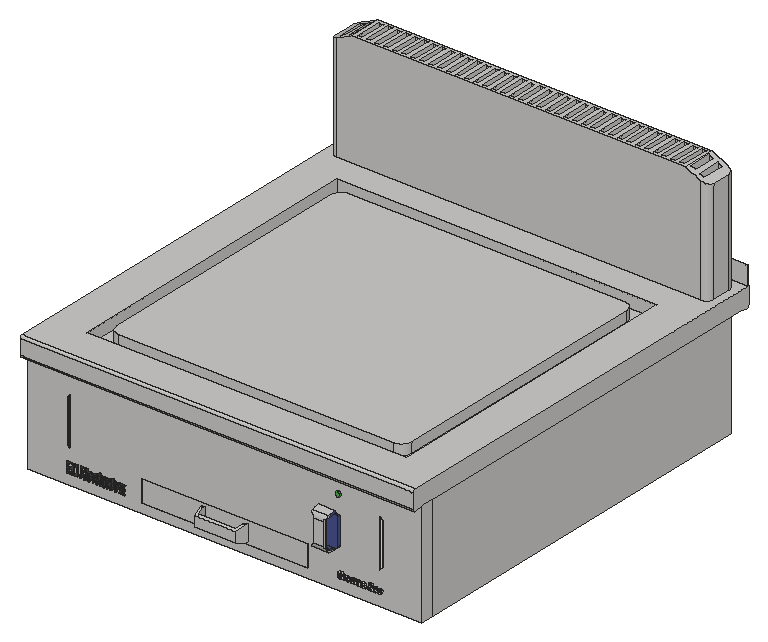
Revit family "QF_ELECTROLUXPROFESSIONAL_593118_MBLIBBHOVO", category Specialty Equipment, Revit 2014
Parameters
  Weight in Pounds = 487.22
  URL Cutsheet = ""
  Type Mark [instance] = ""
  Specification by User [instance] = ""
  Specification by Manufacturer = ""
  Serial Number = ""
  Seismic Rating = ""
  SMACNA No = ""
  Revision Code [instance] = ""
  Omniclass Number and Title = ""
  NAFEM Spec ID Number = ""
  Model = "588557"
  Masterspec = ""
  Manufacturer = "Electrolux Professional"
  Item Number [instance] = ""
  Installed By [instance] = ""
  Identify Quantity as Lot [instance] = yes
  Furnished By [instance] = ""
  Foodservice Equipment Identifier [instance] = yes
  Description = ""
  CSI MasterFormat = ""
  CSI Master Format = ""
Reference planes
  plane 1 "BACK": y = 0
  plane 2: z = 0
  plane 3 "LEFT": x = 0
  plane 4 "RIGHT": x = 800
  plane 5 "FRONT": y = -850
  plane 6 "TOP": z = 900
  plane 7 "Center (Left/Right)": x = 400
  plane 8: y = -425
  plane 9: y = -150
  plane 10: x = 75
  plane 11: x = 725
  plane 12: y = -140
  plane 13: y = -775
  plane 14 "GasY": y = -540
  plane 15: z = 938
  plane 16 "BaseTop": z = 650
  plane 17: y = -805
  plane 18 "Camino": y = -50
  plane 19: x = 764
  plane 20: z = 1131
Forms (mm)
  Extrusion 1, solid, material "QF_Finishes_Stainless Steel"
    sketch origin (-178.969, -4572, 100) x (-1, 0, 0) y (0, -1, 0)
      loop
        line (-178.969, -4527) -> (-178.969, -3767) -> (-978.969, -3767) -> (-978.969, -4527) -> (-178.969, -4527)
    from 550 to 762.969
  Extrusion 2, solid, material "QF_Finishes_Stainless Steel"
    sketch origin (400, 296.4, 1219.2) x (0, 1, 0) y (0, 0, 1)
      loop
        line (-296.4, -319.2) -> (-1141.4, -319.2)
        arc (-1141.4, -319.2) -> (-1144.935, -320.664) -> (-1146.4, -324.2) r 5
        line (-1146.4, -324.2) -> (-1146.4, -355.2)
        arc (-1146.4, -355.2) -> (-1144.971, -358.264) -> (-1141.705, -359.139) r 4
        line (-1141.705, -359.139) -> (-1126.4, -356.231) -> (-316.4, -356.231) -> (-301.094, -359.139)
        arc (-301.094, -359.139) -> (-297.829, -358.264) -> (-296.4, -355.2) r 4
        line (-296.4, -355.2) -> (-296.4, -319.2)
    from -400 to 400
  Extrusion 3, solid, material "QF_Finishes_Stainless Steel"
    sketch origin (0, 0, 900) x (-1, 0, 0) y (0, -1, 0)
      loop
        arc (-120, 165) -> (-105.858, 170.858) -> (-100, 185) r 20
        line (-100, 185) -> (-100, 730)
        arc (-100, 730) -> (-105.858, 744.142) -> (-120, 750) r 20
        line (-120, 750) -> (-680, 750)
        arc (-680, 750) -> (-694.142, 744.142) -> (-700, 730) r 20
        line (-700, 730) -> (-700, 185)
        arc (-700, 185) -> (-694.142, 170.858) -> (-680, 165) r 20
        line (-680, 165) -> (-120, 165)
    from 0 to -20
  Extrusion 4, void
    sketch origin (0, 0, 900) x (-1, 0, 0) y (0, -1, 0)
      loop
        line (-75, 775) -> (-725, 775) -> (-725, 140) -> (-75, 140) -> (-75, 775)
    from 0 to -25
  Extrusion 5, solid, material "QF_Finishes_Stainless Steel"
    sketch origin (400, 296.4, 1219.2) x (0, 1, 0) y (0, 0, 1)
      loop
        line (-296.4, -319.2) -> (-296.4, -281.2) -> (-298.4, -281.2) -> (-298.4, -319.2) -> (-296.4, -319.2)
    from 400 to -400
  Extrusion 6, solid, material "QF_Finishes_Stainless Steel"
    sketch origin (0, -50, 0) x (1, 0, 0) y (0, 0, 1)
      loop
        line (15, 900) -> (785, 900) -> (785, 1109.869) -> (739.685, 1131) -> (60.315, 1131) -> (15, 1109.869) -> (15, 900)
    from 33 to -33
  Extrusion 7, void
    sketch origin (0, 0, 900) x (-1, 0, 0) y (0, -1, 0)
      loop
        line (-15, 83) -> (-30, 83)
        arc (-30, 83) -> (-19.393, 78.607) -> (-15, 68) r 15
        line (-15, 68) -> (-15, 83)
      loop
        line (-15, 17) -> (-15, 32)
        arc (-15, 32) -> (-19.393, 21.393) -> (-30, 17) r 15
        line (-30, 17) -> (-15, 17)
      loop
        line (-785, 83) -> (-785, 68)
        arc (-785, 68) -> (-780.607, 78.607) -> (-770, 83) r 15
        line (-770, 83) -> (-785, 83)
      loop
        line (-785, 17) -> (-770, 17)
        arc (-770, 17) -> (-780.607, 21.393) -> (-785, 32) r 15
        line (-785, 32) -> (-785, 17)
      loop
        line (-413.234, 23) -> (-413.234, 77) -> (-423.234, 77) -> (-423.234, 23) -> (-413.234, 23)
      loop
        line (-395, 23) -> (-395, 77) -> (-405, 77) -> (-405, 23) -> (-395, 23)
      loop
        line (-431.469, 23) -> (-431.469, 77) -> (-441.469, 77) -> (-441.469, 23) -> (-431.469, 23)
      loop
        line (-449.703, 23) -> (-449.703, 77) -> (-459.703, 77) -> (-459.703, 23) -> (-449.703, 23)
      loop
        line (-467.938, 23) -> (-467.938, 77) -> (-477.938, 77) -> (-477.938, 23) -> (-467.938, 23)
      loop
        line (-486.172, 23) -> (-486.172, 77) -> (-496.172, 77) -> (-496.172, 23) -> (-486.172, 23)
      loop
        line (-504.406, 23) -> (-504.406, 77) -> (-514.406, 77) -> (-514.406, 23) -> (-504.406, 23)
      loop
        line (-522.641, 23) -> (-522.641, 77) -> (-532.641, 77) -> (-532.641, 23) -> (-522.641, 23)
      loop
        line (-540.875, 23) -> (-540.875, 77) -> (-550.875, 77) -> (-550.875, 23) -> (-540.875, 23)
      loop
        line (-559.109, 23) -> (-559.109, 77) -> (-569.109, 77) -> (-569.109, 23) -> (-559.109, 23)
      loop
        line (-577.344, 23) -> (-577.344, 77) -> (-587.344, 77) -> (-587.344, 23) -> (-577.344, 23)
      loop
        line (-595.578, 23) -> (-595.578, 77) -> (-605.578, 77) -> (-605.578, 23) -> (-595.578, 23)
      loop
        line (-613.813, 23) -> (-613.813, 77) -> (-623.813, 77) -> (-623.813, 23) -> (-613.813, 23)
      loop
        line (-632.047, 23) -> (-632.047, 77) -> (-642.047, 77) -> (-642.047, 23) -> (-632.047, 23)
      loop
        line (-650.281, 23) -> (-650.281, 77) -> (-660.281, 77) -> (-660.281, 23) -> (-650.281, 23)
      loop
        line (-668.516, 23) -> (-668.516, 77) -> (-678.516, 77) -> (-678.516, 23) -> (-668.516, 23)
      loop
        line (-686.75, 23) -> (-686.75, 77) -> (-696.75, 77) -> (-696.75, 23) -> (-686.75, 23)
      loop
        line (-704.985, 23) -> (-704.985, 77) -> (-714.985, 77) -> (-714.985, 23) -> (-704.985, 23)
      loop
        line (-723.219, 23) -> (-723.219, 77) -> (-733.219, 77) -> (-733.219, 23) -> (-723.219, 23)
      loop
        line (-741.453, 26) -> (-741.453, 74) -> (-751.453, 74) -> (-751.453, 26) -> (-741.453, 26)
      loop
        line (-759.688, 26) -> (-759.688, 74) -> (-769.688, 74) -> (-769.688, 26) -> (-759.688, 26)
      loop
        line (-386.766, 23) -> (-376.766, 23) -> (-376.766, 77) -> (-386.766, 77) -> (-386.766, 23)
      loop
        line (-368.531, 23) -> (-358.531, 23) -> (-358.531, 77) -> (-368.531, 77) -> (-368.531, 23)
      loop
        line (-350.297, 23) -> (-340.297, 23) -> (-340.297, 77) -> (-350.297, 77) -> (-350.297, 23)
      loop
        line (-332.062, 23) -> (-322.062, 23) -> (-322.062, 77) -> (-332.062, 77) -> (-332.062, 23)
      loop
        line (-313.828, 23) -> (-303.828, 23) -> (-303.828, 77) -> (-313.828, 77) -> (-313.828, 23)
      loop
        line (-295.594, 23) -> (-285.594, 23) -> (-285.594, 77) -> (-295.594, 77) -> (-295.594, 23)
      loop
        line (-277.359, 23) -> (-267.359, 23) -> (-267.359, 77) -> (-277.359, 77) -> (-277.359, 23)
      loop
        line (-259.125, 23) -> (-249.125, 23) -> (-249.125, 77) -> (-259.125, 77) -> (-259.125, 23)
      loop
        line (-240.891, 23) -> (-230.891, 23) -> (-230.891, 77) -> (-240.891, 77) -> (-240.891, 23)
      loop
        line (-222.656, 23) -> (-212.656, 23) -> (-212.656, 77) -> (-222.656, 77) -> (-222.656, 23)
      loop
        line (-204.422, 23) -> (-194.422, 23) -> (-194.422, 77) -> (-204.422, 77) -> (-204.422, 23)
      loop
        line (-186.187, 23) -> (-176.187, 23) -> (-176.187, 77) -> (-186.187, 77) -> (-186.187, 23)
      loop
        line (-167.953, 23) -> (-157.953, 23) -> (-157.953, 77) -> (-167.953, 77) -> (-167.953, 23)
      loop
        line (-149.719, 23) -> (-139.719, 23) -> (-139.719, 77) -> (-149.719, 77) -> (-149.719, 23)
      loop
        line (-131.484, 23) -> (-121.484, 23) -> (-121.484, 77) -> (-131.484, 77) -> (-131.484, 23)
      loop
        line (-113.25, 23) -> (-103.25, 23) -> (-103.25, 77) -> (-113.25, 77) -> (-113.25, 23)
      loop
        line (-95.015, 23) -> (-85.015, 23) -> (-85.015, 77) -> (-95.015, 77) -> (-95.015, 23)
      loop
        line (-76.781, 23) -> (-66.781, 23) -> (-66.781, 77) -> (-76.781, 77) -> (-76.781, 23)
      loop
        line (-58.547, 26) -> (-48.547, 26) -> (-48.547, 74) -> (-58.547, 74) -> (-58.547, 26)
      loop
        line (-40.312, 26) -> (-30.312, 26) -> (-30.312, 74) -> (-40.312, 74) -> (-40.312, 26)
    from 231 to 0
  Extrusion 8, solid, material "QF_Finishes_Stainless Steel"
    sketch origin (0, 0, 650) x (-1, 0, 0) y (0, -1, 0)
      loop
        circle (-764, 540) r 10.1
    from 0 to -10
Cuts and joins
  Extrusion 4 cuts Extrusion 2
  Extrusion 7 cuts Extrusion 6
Lines and regions (mm)
  symbolic lines
    curve 1: line (0, 0, 100) -> (800, 0, 100)
    curve 2: line (0, -850, 100) -> (0, 0, 100)
    curve 3: line (800, -850, 100) -> (0, -850, 100)
    curve 4: line (800, 0, 100) -> (800, -850, 100)
    curve 5: line (75, -775, 0) -> (725, -775, 0)
    curve 6: line (725, -775, 0) -> (725, -140, 0)
    curve 7: line (725, -140, 0) -> (75, -140, 0)
    curve 8: line (75, -140, 0) -> (75, -775, 0)
    curve 9: line (0, -2, 0) -> (800, -2, 0)
    curve 13: line (30, -83, 650) -> (770, -83, 650)
    curve 14: line (770, -17, 650) -> (30, -17, 650)
    curve 15: arc (15, -32, 650) -> (19.393, -21.393, 650) -> (30, -17, 650) r 15
    curve 16: line (15, -32, 650) -> (15, -68, 650)
    curve 17: arc (30, -83, 650) -> (19.393, -78.607, 650) -> (15, -68, 650) r 15
    curve 18: arc (785, -68, 650) -> (780.607, -78.607, 650) -> (770, -83, 650) r 15
    curve 19: line (785, -68, 650) -> (785, -32, 650)
    curve 20: arc (770, -17, 650) -> (780.607, -21.393, 650) -> (785, -32, 650) r 15
    curve 21: line (30.312, -26, 650) -> (30.312, -74, 650)
    curve 22: line (40.312, -26, 650) -> (30.312, -26, 650)
    curve 23: line (30.312, -74, 650) -> (40.312, -74, 650)
    curve 24: line (40.312, -74, 650) -> (40.312, -26, 650)
    curve 25: line (48.547, -74, 650) -> (58.547, -74, 650)
    curve 26: line (48.547, -26, 650) -> (48.547, -74, 650)
    curve 27: line (58.547, -26, 650) -> (48.547, -26, 650)
    curve 28: line (58.547, -74, 650) -> (58.547, -26, 650)
    curve 29: line (66.781, -23, 650) -> (66.781, -77, 650)
    curve 30: line (66.781, -23, 650) -> (76.781, -23, 650)
    curve 31: line (76.781, -23, 650) -> (76.781, -77, 650)
    curve 32: line (76.781, -77, 650) -> (66.781, -77, 650)
    curve 33: line (85.015, -23, 650) -> (85.015, -77, 650)
    curve 34: line (85.015, -23, 650) -> (95.015, -23, 650)
    curve 35: line (95.015, -23, 650) -> (95.015, -77, 650)
    curve 36: line (95.015, -77, 650) -> (85.015, -77, 650)
    curve 37: line (103.25, -23, 650) -> (103.25, -77, 650)
    curve 38: line (103.25, -23, 650) -> (113.25, -23, 650)
    curve 39: line (113.25, -23, 650) -> (113.25, -77, 650)
    curve 40: line (113.25, -77, 650) -> (103.25, -77, 650)
    curve 41: line (121.484, -23, 650) -> (121.484, -77, 650)
    curve 42: line (121.484, -23, 650) -> (131.484, -23, 650)
    curve 43: line (131.484, -23, 650) -> (131.484, -77, 650)
    curve 44: line (131.484, -77, 650) -> (121.484, -77, 650)
    curve 45: line (139.719, -23, 650) -> (139.719, -77, 650)
    curve 46: line (139.719, -23, 650) -> (149.719, -23, 650)
    curve 47: line (149.719, -23, 650) -> (149.719, -77, 650)
    curve 48: line (149.719, -77, 650) -> (139.719, -77, 650)
    curve 49: line (157.953, -23, 650) -> (157.953, -77, 650)
    curve 50: line (157.953, -23, 650) -> (167.953, -23, 650)
    curve 51: line (167.953, -23, 650) -> (167.953, -77, 650)
    curve 52: line (167.953, -77, 650) -> (157.953, -77, 650)
    curve 53: line (176.187, -23, 650) -> (176.187, -77, 650)
    curve 54: line (176.187, -23, 650) -> (186.187, -23, 650)
    curve 55: line (186.187, -23, 650) -> (186.187, -77, 650)
    curve 56: line (186.187, -77, 650) -> (176.187, -77, 650)
    curve 57: line (194.422, -23, 650) -> (194.422, -77, 650)
    curve 58: line (194.422, -23, 650) -> (204.422, -23, 650)
    curve 59: line (204.422, -23, 650) -> (204.422, -77, 650)
    curve 60: line (204.422, -77, 650) -> (194.422, -77, 650)
    curve 61: line (212.656, -23, 650) -> (212.656, -77, 650)
    curve 62: line (212.656, -23, 650) -> (222.656, -23, 650)
    curve 63: line (222.656, -23, 650) -> (222.656, -77, 650)
    curve 64: line (222.656, -77, 650) -> (212.656, -77, 650)
    curve 65: line (230.891, -23, 650) -> (230.891, -77, 650)
    curve 66: line (230.891, -23, 650) -> (240.891, -23, 650)
    curve 67: line (240.891, -23, 650) -> (240.891, -77, 650)
    curve 68: line (240.891, -77, 650) -> (230.891, -77, 650)
    curve 69: line (249.125, -23, 650) -> (249.125, -77, 650)
    curve 70: line (249.125, -23, 650) -> (259.125, -23, 650)
    curve 71: line (259.125, -23, 650) -> (259.125, -77, 650)
    curve 72: line (259.125, -77, 650) -> (249.125, -77, 650)
    curve 73: line (267.359, -23, 650) -> (267.359, -77, 650)
    curve 74: line (267.359, -23, 650) -> (277.359, -23, 650)
    curve 75: line (277.359, -23, 650) -> (277.359, -77, 650)
    curve 76: line (277.359, -77, 650) -> (267.359, -77, 650)
    curve 77: line (285.594, -23, 650) -> (285.594, -77, 650)
    curve 78: line (285.594, -23, 650) -> (295.594, -23, 650)
    curve 79: line (295.594, -23, 650) -> (295.594, -77, 650)
    curve 80: line (295.594, -77, 650) -> (285.594, -77, 650)
    curve 81: line (303.828, -23, 650) -> (303.828, -77, 650)
    curve 82: line (303.828, -23, 650) -> (313.828, -23, 650)
    curve 83: line (313.828, -23, 650) -> (313.828, -77, 650)
    curve 84: line (313.828, -77, 650) -> (303.828, -77, 650)
    curve 85: line (322.062, -23, 650) -> (322.062, -77, 650)
    curve 86: line (322.062, -23, 650) -> (332.062, -23, 650)
    curve 87: line (332.062, -23, 650) -> (332.062, -77, 650)
    curve 88: line (332.062, -77, 650) -> (322.062, -77, 650)
    curve 89: line (340.297, -23, 650) -> (340.297, -77, 650)
    curve 90: line (340.297, -23, 650) -> (350.297, -23, 650)
    curve 91: line (350.297, -23, 650) -> (350.297, -77, 650)
    curve 92: line (350.297, -77, 650) -> (340.297, -77, 650)
    curve 93: line (358.531, -23, 650) -> (358.531, -77, 650)
    curve 94: line (358.531, -23, 650) -> (368.531, -23, 650)
    curve 95: line (368.531, -23, 650) -> (368.531, -77, 650)
    curve 96: line (368.531, -77, 650) -> (358.531, -77, 650)
    curve 97: line (376.766, -23, 650) -> (376.766, -77, 650)
    curve 98: line (376.766, -23, 650) -> (386.766, -23, 650)
    curve 99: line (386.766, -23, 650) -> (386.766, -77, 650)
    curve 100: line (386.766, -77, 650) -> (376.766, -77, 650)
    curve 101: line (395, -23, 650) -> (395, -77, 650)
    curve 102: line (395, -23, 650) -> (405, -23, 650)
    curve 103: line (405, -23, 650) -> (405, -77, 650)
    curve 104: line (405, -77, 650) -> (395, -77, 650)
    curve 105: line (413.234, -23, 650) -> (413.234, -77, 650)
    curve 106: line (413.234, -23, 650) -> (423.234, -23, 650)
    curve 107: line (423.234, -23, 650) -> (423.234, -77, 650)
    curve 108: line (423.234, -77, 650) -> (413.234, -77, 650)
    curve 109: line (431.469, -23, 650) -> (431.469, -77, 650)
    curve 110: line (431.469, -23, 650) -> (441.469, -23, 650)
    curve 111: line (441.469, -23, 650) -> (441.469, -77, 650)
    curve 112: line (441.469, -77, 650) -> (431.469, -77, 650)
    curve 113: line (449.703, -23, 650) -> (449.703, -77, 650)
    curve 114: line (449.703, -23, 650) -> (459.703, -23, 650)
    curve 115: line (459.703, -23, 650) -> (459.703, -77, 650)
    curve 116: line (459.703, -77, 650) -> (449.703, -77, 650)
    curve 117: line (467.938, -23, 650) -> (467.938, -77, 650)
    curve 118: line (467.938, -23, 650) -> (477.938, -23, 650)
    curve 119: line (477.938, -23, 650) -> (477.938, -77, 650)
    curve 120: line (477.938, -77, 650) -> (467.938, -77, 650)
    curve 121: line (486.172, -23, 650) -> (486.172, -77, 650)
    curve 122: line (486.172, -23, 650) -> (496.172, -23, 650)
    curve 123: line (496.172, -23, 650) -> (496.172, -77, 650)
    curve 124: line (496.172, -77, 650) -> (486.172, -77, 650)
    curve 125: line (504.406, -23, 650) -> (504.406, -77, 650)
    curve 126: line (504.406, -23, 650) -> (514.406, -23, 650)
    curve 127: line (514.406, -23, 650) -> (514.406, -77, 650)
    curve 128: line (514.406, -77, 650) -> (504.406, -77, 650)
    curve 129: line (522.641, -23, 650) -> (522.641, -77, 650)
    curve 130: line (522.641, -23, 650) -> (532.641, -23, 650)
    curve 131: line (532.641, -23, 650) -> (532.641, -77, 650)
    curve 132: line (532.641, -77, 650) -> (522.641, -77, 650)
    curve 133: line (540.875, -23, 650) -> (540.875, -77, 650)
    curve 134: line (540.875, -23, 650) -> (550.875, -23, 650)
    curve 135: line (550.875, -23, 650) -> (550.875, -77, 650)
    curve 136: line (550.875, -77, 650) -> (540.875, -77, 650)
    curve 137: line (559.109, -23, 650) -> (559.109, -77, 650)
    curve 138: line (559.109, -23, 650) -> (569.109, -23, 650)
    curve 139: line (569.109, -23, 650) -> (569.109, -77, 650)
    curve 140: line (569.109, -77, 650) -> (559.109, -77, 650)
    curve 141: line (577.344, -23, 650) -> (577.344, -77, 650)
    curve 142: line (577.344, -23, 650) -> (587.344, -23, 650)
    curve 143: line (587.344, -23, 650) -> (587.344, -77, 650)
    curve 144: line (587.344, -77, 650) -> (577.344, -77, 650)
    curve 145: line (595.578, -23, 650) -> (595.578, -77, 650)
    curve 146: line (595.578, -23, 650) -> (605.578, -23, 650)
    curve 147: line (605.578, -23, 650) -> (605.578, -77, 650)
    curve 148: line (605.578, -77, 650) -> (595.578, -77, 650)
    curve 149: line (613.813, -23, 650) -> (613.813, -77, 650)
    curve 150: line (613.813, -23, 650) -> (623.813, -23, 650)
    curve 151: line (623.813, -23, 650) -> (623.813, -77, 650)
    curve 152: line (623.813, -77, 650) -> (613.813, -77, 650)
    curve 153: line (632.047, -23, 650) -> (632.047, -77, 650)
    curve 154: line (632.047, -23, 650) -> (642.047, -23, 650)
    curve 155: line (642.047, -23, 650) -> (642.047, -77, 650)
    curve 156: line (642.047, -77, 650) -> (632.047, -77, 650)
    curve 157: line (650.281, -23, 650) -> (650.281, -77, 650)
    curve 158: line (650.281, -23, 650) -> (660.281, -23, 650)
    curve 159: line (660.281, -23, 650) -> (660.281, -77, 650)
    curve 160: line (660.281, -77, 650) -> (650.281, -77, 650)
    curve 161: line (668.516, -23, 650) -> (668.516, -77, 650)
    curve 162: line (668.516, -23, 650) -> (678.516, -23, 650)
    curve 163: line (678.516, -23, 650) -> (678.516, -77, 650)
    curve 164: line (678.516, -77, 650) -> (668.516, -77, 650)
    curve 165: line (686.75, -23, 650) -> (686.75, -77, 650)
    curve 166: line (686.75, -23, 650) -> (696.75, -23, 650)
    curve 167: line (696.75, -23, 650) -> (696.75, -77, 650)
    curve 168: line (696.75, -77, 650) -> (686.75, -77, 650)
    curve 169: line (704.985, -23, 650) -> (704.985, -77, 650)
    curve 170: line (704.985, -23, 650) -> (714.985, -23, 650)
    curve 171: line (714.985, -23, 650) -> (714.985, -77, 650)
    curve 172: line (714.985, -77, 650) -> (704.985, -77, 650)
    curve 173: line (723.219, -23, 650) -> (723.219, -77, 650)
    curve 174: line (723.219, -23, 650) -> (733.219, -23, 650)
    curve 175: line (733.219, -23, 650) -> (733.219, -77, 650)
    curve 176: line (733.219, -77, 650) -> (723.219, -77, 650)
    curve 177: line (741.453, -26, 650) -> (741.453, -74, 650)
    curve 178: line (741.453, -26, 650) -> (751.453, -26, 650)
    curve 179: line (751.453, -26, 650) -> (751.453, -74, 650)
    curve 180: line (751.453, -74, 650) -> (741.453, -74, 650)
    curve 181: line (759.688, -26, 650) -> (759.688, -74, 650)
    curve 182: line (759.688, -26, 650) -> (769.688, -26, 650)
    curve 183: line (769.688, -26, 650) -> (769.688, -74, 650)
    curve 184: line (769.688, -74, 650) -> (759.688, -74, 650)
    curve 185: arc (120, -165, 650) -> (105.858, -170.858, 650) -> (100, -185, 650) r 20
    curve 186: line (680, -165, 650) -> (120, -165, 650)
    curve 187: line (100, -185, 650) -> (100, -730, 650)
    curve 188: arc (100, -730, 650) -> (105.858, -744.142, 650) -> (120, -750, 650) r 20
    curve 189: line (120, -750, 650) -> (680, -750, 650)
    curve 190: line (700, -730, 650) -> (700, -185, 650)
    curve 191: arc (680, -750, 650) -> (694.142, -744.142, 650) -> (700, -730, 650) r 20
    curve 192: arc (700, -185, 650) -> (694.142, -170.858, 650) -> (680, -165, 650) r 20
  model lines
    curve 10: line (400, -165, 900) -> (400, -372.5, 900)
    curve 11: circle (400, -457.5, 900) r 85 normal (0, 0, 1)
    curve 12: line (400, -542.5, 900) -> (400, -750, 900)
Dimensions and locks
  plane 3 "LEFT" to plane 4 "RIGHT" = 800 mm
  locked: plane 5 "FRONT" to plane 1 "BACK" at 850
  plane 3 "LEFT" to plane 7 "Center (Left/Right)" to plane 4 "RIGHT" = 400 mm, 400 mm
  equal spacing: plane 5 "FRONT", plane 8, plane 1 "BACK"
  plane 6 "TOP" to level = 900 mm  (x2)
  plane 1 "BACK" to plane 9 = 150 mm
  plane 14 "GasY" to plane 1 "BACK" = 540 mm
  plane 15 to plane 6 "TOP" = 38 mm
  plane 12 to plane 1 "BACK" = 140 mm
  plane 5 "FRONT" to plane 13 = 75 mm
  plane 3 "LEFT" to plane 10 = 75 mm
  plane 11 to plane 4 "RIGHT" = 75 mm
  locked: plane 6 "TOP" to plane 16 "BaseTop" at 250
  locked: plane 17 to plane 5 "FRONT" at 45
  plane 18 "Camino" to plane 1 "BACK" = 50 mm
  plane 19 to plane 4 "RIGHT" = 36 mm
  plane 20 to plane 6 "TOP" = 231 mm
  aligned and locked: level to plane 2
  aligned and locked: cut or joined group of Extrusion 2, Extrusion 4 to plane 3 "LEFT"
  aligned and locked: cut or joined group of Extrusion 2, Extrusion 4 to plane 4 "RIGHT"
  aligned and locked: Extrusion 4 sketch curve to plane 10
  aligned and locked: plane 12 to Extrusion 4 sketch curve
  aligned and locked: plane 11 to Extrusion 4 sketch curve
  aligned and locked: Extrusion 4 sketch curve to plane 13
  aligned and locked: nested 1 to plane 17
  aligned and locked: Extrusion 1 to plane 17
  aligned and locked: Extrusion 5 to plane 3 "LEFT"
  aligned and locked: Extrusion 5 to plane 4 "RIGHT"
  aligned and locked: plane 3 "LEFT" to nested 1
Automatic sketch dimensions
  Extrusion 5 sketch curve to plane 6 "TOP" = 0 mm
  Extrusion 5 sketch curve to plane 15 = 0 mm
  Extrusion 5 sketch curve to plane 1 "BACK" = 0 mm
  Extrusion 5 sketch curve to Extrusion 5 sketch curve = 2 mm
  plane 11 to Extrusion 3 sketch curve = 25 mm
  Extrusion 3 sketch curve to Extrusion 3 sketch curve = 20 mm  (x4)
  Extrusion 3 sketch curve to plane 9 = 35 mm
  Extrusion 3 sketch curve to plane 10 = 45 mm
  Extrusion 3 sketch curve to plane 13 = 45 mm
  Extrusion 8 sketch curve to plane 14 "GasY" = 0 mm
  Extrusion 8 sketch curve to plane 19 = 0 mm
  Extrusion 2 sketch curve to plane 5 "FRONT" = 0 mm
  Extrusion 2 sketch curve to plane 6 "TOP" = 0 mm
  Extrusion 2 sketch curve to plane 1 "BACK" = 0 mm
  Extrusion 2 sketch curve to Extrusion 2 sketch curve = 4 mm
  Extrusion 2 sketch curve to Extrusion 2 sketch curve = 0.695 mm
  Extrusion 2 sketch curve to plane 5 "FRONT" = 5 mm
  Extrusion 2 sketch curve to Extrusion 2 sketch curve = 15.305 mm
  plane 1 "BACK" to Extrusion 2 sketch curve = 20 mm
  plane 1 "BACK" to Extrusion 2 sketch curve = 4.695 mm
  plane 1 "BACK" to Extrusion 2 sketch curve = 4 mm
  Extrusion 2 sketch curve to Extrusion 2 sketch curve = 31 mm
  Extrusion 2 sketch curve to Extrusion 2 sketch curve = 36 mm
  Extrusion 2 sketch curve to Extrusion 2 sketch curve = 2.909 mm
  curve 9 to plane 3 "LEFT" = 0 mm
  curve 5 to plane 10 = 0 mm
  curve 6 to plane 11 = 0 mm
  curve 9 to plane 4 "RIGHT" = 0 mm
  plane 13 to curve 5 = 0 mm
  plane 12 to curve 7 = 0 mm
  plane 1 "BACK" to curve 9 = 2 mm
  Extrusion 1 sketch curve to plane 4 "RIGHT" = 0 mm
  Extrusion 1 sketch curve to plane 3 "LEFT" = 0 mm
  Extrusion 1 sketch curve to plane 17 = 0 mm
  Extrusion 1 sketch curve to plane 18 "Camino" = 5 mm
  plane 1 "BACK" to curve 1 = 0 mm
  curve 1 to plane 4 "RIGHT" = 0 mm
  curve 3 to plane 3 "LEFT" = 0 mm
  plane 5 "FRONT" to curve 3 = 0 mm
  Extrusion 6 sketch curve to plane 6 "TOP" = 0 mm
  plane 3 "LEFT" to Extrusion 6 sketch curve = 15 mm
  plane 10 to Extrusion 6 sketch curve = 14.685 mm
  Extrusion 6 sketch curve to plane 11 = 14.685 mm
  plane 4 "RIGHT" to Extrusion 6 sketch curve = 15 mm
  plane 15 to Extrusion 6 sketch curve = 171.869 mm  (x2)
  Extrusion 6 sketch curve to Extrusion 6 sketch curve = 21.131 mm
  plane 4 "RIGHT" to Extrusion 7 sketch curve = 15 mm  (x2)
  plane 19 to Extrusion 7 sketch curve = 6 mm  (x2)
  plane 19 to Extrusion 7 sketch curve = 5.688 mm
  Extrusion 7 sketch curve to plane 19 = 4.312 mm
  Extrusion 7 sketch curve to Extrusion 7 sketch curve = 8.234 mm  (x37)
  Extrusion 7 sketch curve to Extrusion 7 sketch curve = 10 mm  (x37)
  Extrusion 7 sketch curve to plane 11 = 8.219 mm
  plane 11 to Extrusion 7 sketch curve = 1.781 mm
  plane 7 "Center (Left/Right)" to Extrusion 7 sketch curve = 5 mm
  Extrusion 7 sketch curve to plane 7 "Center (Left/Right)" = 5 mm
  Extrusion 7 sketch curve to plane 10 = 1.781 mm
  plane 10 to Extrusion 7 sketch curve = 8.219 mm
  Extrusion 7 sketch curve to Extrusion 7 sketch curve = 0.312 mm  (x2)
  plane 3 "LEFT" to Extrusion 7 sketch curve = 15 mm  (x2)
  plane 1 "BACK" to Extrusion 7 sketch curve = 17 mm  (x2)
  plane 1 "BACK" to Extrusion 7 sketch curve = 23 mm  (x5)
  Extrusion 7 sketch curve to Extrusion 7 sketch curve = 0 mm  (x69)
  Extrusion 7 sketch curve to Extrusion 7 sketch curve = 6 mm  (x3)
  Extrusion 7 sketch curve to Extrusion 7 sketch curve = 3 mm  (x2)
  plane 18 "Camino" to Extrusion 7 sketch curve = 18 mm  (x2)
  plane 18 "Camino" to Extrusion 7 sketch curve = 24 mm
  plane 18 "Camino" to Extrusion 7 sketch curve = 27 mm  (x2)
  plane 19 to curve 14 = 6 mm
  plane 19 to curve 13 = 6 mm
  plane 19 to curve 183 = 5.688 mm
  curve 184 to plane 19 = 4.312 mm
  curve 181 to curve 180 = 8.234 mm
  curve 178 to curve 178 = 10 mm
  curve 174 to plane 11 = 8.219 mm
  plane 11 to curve 174 = 1.781 mm
  curve 173 to curve 170 = 8.234 mm
  curve 171 to curve 172 = 10 mm
  curve 169 to curve 168 = 8.234 mm
  curve 166 to curve 166 = 10 mm
  curve 165 to curve 162 = 8.234 mm
  curve 162 to curve 162 = 10 mm
  curve 161 to curve 158 = 8.234 mm
  curve 159 to curve 160 = 10 mm
  curve 157 to curve 156 = 8.234 mm
  curve 154 to curve 154 = 10 mm
  curve 153 to curve 150 = 8.234 mm
  curve 150 to curve 150 = 10 mm
  curve 149 to curve 146 = 8.234 mm
  curve 147 to curve 148 = 10 mm
  curve 145 to curve 144 = 8.234 mm
  curve 142 to curve 142 = 10 mm
  curve 141 to curve 138 = 8.234 mm
  curve 138 to curve 138 = 10 mm
  curve 137 to curve 134 = 8.234 mm
  curve 135 to curve 136 = 10 mm
  curve 133 to curve 132 = 8.234 mm
  curve 130 to curve 130 = 10 mm
  curve 129 to curve 126 = 8.234 mm
  curve 126 to curve 126 = 10 mm
  curve 125 to curve 122 = 8.234 mm
  curve 123 to curve 124 = 10 mm
  curve 121 to curve 120 = 8.234 mm
  curve 118 to curve 118 = 10 mm
  curve 117 to curve 114 = 8.234 mm
  curve 114 to curve 114 = 10 mm
  curve 113 to curve 110 = 8.234 mm
  curve 111 to curve 112 = 10 mm
  curve 109 to curve 108 = 8.234 mm
  curve 107 to curve 108 = 10 mm
  plane 7 "Center (Left/Right)" to curve 103 = 5 mm
  curve 102 to plane 7 "Center (Left/Right)" = 5 mm
  curve 101 to curve 99 = 8.234 mm
  curve 98 to curve 98 = 10 mm
  curve 97 to curve 94 = 8.234 mm
  curve 94 to curve 94 = 10 mm
  curve 93 to curve 90 = 8.234 mm
  curve 91 to curve 92 = 10 mm
  curve 89 to curve 88 = 8.234 mm
  curve 87 to curve 88 = 10 mm
  curve 85 to curve 84 = 8.234 mm
  curve 83 to curve 84 = 10 mm
  curve 81 to curve 78 = 8.234 mm
  curve 78 to curve 78 = 10 mm
  curve 77 to curve 74 = 8.234 mm
  curve 74 to curve 74 = 10 mm
  curve 73 to curve 70 = 8.234 mm
  curve 71 to curve 72 = 10 mm
  curve 69 to curve 68 = 8.234 mm
  curve 67 to curve 68 = 10 mm
  curve 65 to curve 64 = 8.234 mm
  curve 63 to curve 64 = 10 mm
  curve 61 to curve 60 = 8.234 mm
  curve 59 to curve 60 = 10 mm
  curve 57 to curve 56 = 8.234 mm
  curve 55 to curve 56 = 10 mm
  curve 53 to curve 52 = 8.234 mm
  curve 51 to curve 52 = 10 mm
  curve 49 to curve 46 = 8.234 mm
  curve 46 to curve 46 = 10 mm
  curve 45 to curve 42 = 8.234 mm
  curve 43 to curve 44 = 10 mm
  curve 41 to curve 40 = 8.234 mm
  curve 38 to curve 38 = 10 mm
  curve 37 to curve 34 = 8.234 mm
  curve 34 to curve 34 = 10 mm
  curve 30 to plane 10 = 1.781 mm
  plane 10 to curve 32 = 8.219 mm
  curve 29 to curve 28 = 8.234 mm
  curve 27 to curve 26 = 10 mm
  curve 25 to curve 24 = 8.234 mm
  curve 22 to curve 22 = 10 mm
  curve 21 to curve 14 = 0.312 mm
  curve 21 to curve 17 = 0.312 mm
  curve 17 to curve 16 = 15 mm
  plane 1 "BACK" to curve 14 = 17 mm
  curve 20 to curve 183 = 9 mm
  curve 181 to curve 179 = 0 mm
  curve 175 to curve 177 = 3 mm
  plane 1 "BACK" to curve 99 = 23 mm
  curve 171 to curve 173 = 0 mm  (x2)
  curve 167 to curve 169 = 0 mm
  curve 163 to curve 165 = 0 mm  (x2)
  curve 159 to curve 161 = 0 mm
  plane 1 "BACK" to curve 29 = 23 mm
  curve 155 to curve 157 = 0 mm  (x2)
  curve 30 to curve 33 = 0 mm
  curve 151 to curve 153 = 0 mm  (x2)
  curve 34 to curve 37 = 0 mm
  curve 147 to curve 149 = 0 mm  (x2)
  curve 38 to curve 41 = 0 mm
  curve 143 to curve 145 = 0 mm  (x2)
  curve 42 to curve 45 = 0 mm
  curve 139 to curve 141 = 0 mm  (x2)
  curve 46 to curve 49 = 0 mm
  curve 135 to curve 137 = 0 mm  (x2)
  curve 50 to curve 53 = 0 mm
  curve 131 to curve 133 = 0 mm  (x2)
  curve 54 to curve 57 = 0 mm
  curve 127 to curve 129 = 0 mm  (x2)
  curve 58 to curve 61 = 0 mm
  curve 123 to curve 125 = 0 mm  (x2)
  curve 62 to curve 65 = 0 mm
  curve 119 to curve 121 = 0 mm  (x2)
  curve 66 to curve 69 = 0 mm
  curve 115 to curve 117 = 0 mm  (x2)
  curve 70 to curve 73 = 0 mm
  curve 111 to curve 113 = 0 mm  (x2)
  curve 74 to curve 77 = 0 mm
  curve 107 to curve 109 = 0 mm  (x2)
  curve 78 to curve 81 = 0 mm
  curve 103 to curve 105 = 0 mm
  curve 82 to curve 85 = 0 mm
  curve 86 to curve 89 = 0 mm
  curve 95 to curve 97 = 0 mm
  curve 22 to curve 15 = 6 mm
  curve 22 to curve 27 = 0 mm
  plane 18 "Camino" to curve 16 = 18 mm
  curve 17 to curve 21 = 6 mm
  curve 23 to curve 25 = 0 mm
  plane 18 "Camino" to curve 77 = 27 mm
  plane 18 "Camino" to curve 107 = 27 mm
  curve 76 to curve 77 = 0 mm
  curve 72 to curve 73 = 0 mm
  curve 68 to curve 69 = 0 mm
  curve 64 to curve 65 = 0 mm
  curve 60 to curve 61 = 0 mm
  curve 56 to curve 57 = 0 mm
  curve 52 to curve 53 = 0 mm
  curve 48 to curve 49 = 0 mm
  curve 99 to curve 105 = 0 mm
  curve 79 to curve 83 = 0 mm
  curve 44 to curve 45 = 0 mm
  curve 40 to curve 41 = 0 mm
  curve 36 to curve 37 = 0 mm
  curve 25 to curve 32 = 3 mm
  curve 83 to curve 85 = 0 mm
  curve 160 to curve 161 = 0 mm
  curve 99 to curve 104 = 0 mm
  curve 96 to curve 97 = 0 mm
  curve 168 to curve 169 = 0 mm
  curve 87 to curve 89 = 0 mm
  curve 177 to curve 176 = 3 mm
  curve 179 to curve 181 = 0 mm
  plane 4 "RIGHT" to curve 19 = 15 mm
  curve 10 to plane 7 "Center (Left/Right)" = 0 mm
  curve 11 to plane 7 "Center (Left/Right)" = 0 mm
  curve 12 to plane 7 "Center (Left/Right)" = 0 mm
  curve 11 to plane 8 = 32.5 mm
  plane 8 to curve 10 = 52.5 mm
  curve 10 to plane 9 = 15 mm
  curve 12 to plane 13 = 25 mm
  curve 186 to plane 9 = 15 mm
  curve 186 to plane 10 = 45 mm
  curve 186 to curve 185 = 20 mm
  curve 187 to plane 13 = 45 mm
  curve 188 to curve 188 = 20 mm
  plane 11 to curve 189 = 45 mm
  curve 190 to curve 191 = 20 mm
  curve 186 to curve 190 = 20 mm
  radius of Extrusion 8 sketch curve = 10.1 mm
Nested families
  nested 1: "Front_Panel_W800_One Knobs Right_Spie" at (202.376, -805, 0), type "Front_Panel_W800_One Knobs Right_Spie"
Connectors
  piping at (764, -540, 650), diameter 12.7
    settings: on Extrusion 8, index 1, connector inside diameter 24", connector length 0 mm, flow factor 0, pipe flow 0 GPM, pressure drop 0.00 psi, fitting loss kfactor 0, connector angle 0.00°, fixture units 0, engagement length 0 mm, angle of deflection 0.00°, flow configuration 1, flow direction 1, fitting loss method 0, system type 7, joint type 0, gender type 0, connector reference index -1, connector utility 0, adjustable connector no, is connector primary yes, connector description "Gas Connection"
Definition of nested family "Front_Panel_W800_One Knobs Right_Spie"
  Reference planes
    plane 1 "Center (Front/Back)": y = 0
    plane 2: z = 0
    plane 3 "Center (Left/Right)": x = 197.624
    plane 4 "Left": x = -202.376
    plane 5 "Right": x = 597.624
    plane 6: y = -45
    plane 7: x = -12.376
    plane 8: x = 127.624
    plane 9: y = -310
    plane 10 "Panel": y = -25
    plane 11: x = 517.624
    plane 12: x = -122.376
  Forms (mm)
    Extrusion 1, solid, material "QF_Finishes_Stainless Steel"
      sketch origin (833.217, 829.203, -1.25) x (0, 1, 0) y (0, 0, 1)
        loop
          line (-854.203, 651.25) -> (-829.203, 651.25) -> (-829.203, 864.25) -> (-854.203, 864.25) -> (-854.203, 651.25)
      from -1035.593 to -235.593
    Extrusion 2, void
      sketch origin (0, -25, -10) x (0, 0, 1) y (-1, 0, 0)
        loop
          line (731.866, 122.376) -> (726.866, 117.376) -> (823.866, 117.376) -> (818.866, 122.376) -> (731.866, 122.376)
        loop
          line (731.866, -517.624) -> (818.866, -517.624) -> (823.866, -512.624) -> (726.866, -512.624) -> (731.866, -517.624)
      from 0 to -2
    Extrusion 3, void
      sketch origin (0, 0, 0) x (1, 0, 0) y (0, 0, 1)
        loop
          line (28.624, 711.866) -> (28.624, 668.866) -> (366.624, 668.866) -> (366.624, 711.866) -> (28.624, 711.866)
      from 19.387 to 25
    Extrusion 4, solid, material "QF_Finishes_Green"
      sketch origin (440.724, -25, 1.163) x (0, 0, 1) y (-1, 0, 0)
        loop
          circle (824.337, 12.376) r 5
      from 0 to 1.7
    Extrusion 5, solid, material "QF_Finishes_White"
      sketch origin (0, -25, -10) x (0, 0, 1) y (-1, 0, 0)
        loop
          line (731.866, 122.376) -> (726.866, 117.376) -> (823.866, 117.376) -> (818.866, 122.376) -> (731.866, 122.376)
        loop
          line (726.866, -512.624) -> (731.866, -517.624) -> (818.866, -517.624) -> (823.866, -512.624) -> (726.866, -512.624)
      from 0 to -2
    Extrusion 6, solid, material "QF_Finishes_Stainless Steel"
      sketch origin (50, 0, 1) x (1, 0, 0) y (0, 0, 1)
        loop
          line (-21.376, 710.866) -> (-21.376, 667.866) -> (316.624, 667.866) -> (316.624, 710.866) -> (-21.376, 710.866)
      from 19.387 to 25
    Extrusion 7, solid, material "QF_Finishes_Stainless Steel"
      sketch origin (50, 0, 1) x (1, 0, 0) y (0, 1, 0)
        loop
          line (106.059, -25) -> (100.966, -25) -> (105.646, -49.075) -> (189.603, -49.075) -> (194.283, -25) -> (189.189, -25) -> (185.481, -44.075) -> (109.767, -44.075) -> (106.059, -25)
      from 672.593 to 705.67
    Extrusion 8, void
      sketch origin (197.624, 0, 1) x (0, 1, 0) y (0, 0, 1)
        loop
          line (-30, 705.67) -> (-30, 710.67) -> (-56.744, 710.67) -> (-56.744, 667.593) -> (-30, 667.593) -> (-30, 672.593) -> (-53.776, 680.318) -> (-53.776, 697.945) -> (-30, 705.67)
      from -50 to 50
    Extrusion 9, solid, material "QF_Door-Drawer Clearances", detail levels coarse
      sketch origin (50, -265, 1) x (1, 0, 0) y (0, 1, 0)
        loop
          line (106.164, -71.744) -> (189.084, -71.744) -> (194.283, -45) -> (316.624, -45) -> (316.624, 240) -> (-21.376, 240) -> (-21.376, -45) -> (100.966, -45) -> (106.164, -71.744)
      from 672.593 to 705.67
    Extrusion 10, void
      sketch origin (197.624, -280, 1) x (0, 1, 0) y (0, 0, 1)
        loop
          line (-30, 705.67) -> (-30, 710.67) -> (-56.744, 710.67) -> (-56.744, 667.593) -> (-30, 667.593) -> (-30, 672.593) -> (-53.776, 680.318) -> (-53.776, 697.945) -> (-30, 705.67)
      from -50 to 50
  Cuts and joins
    Extrusion 2, Extrusion 3 cuts Extrusion 1
    Extrusion 8 cuts Extrusion 7
    Extrusion 8, Extrusion 10 cuts Extrusion 9
  Lines and regions (mm)
    symbolic lines, style "SpecialityEquipmentHiddenLines"
      curve 1: line (31.124, -45, 0) -> (31.124, -310, 0)
      curve 2: line (31.124, -310, 0) -> (364.124, -310, 0)
      curve 3: line (364.124, -310, 0) -> (364.124, -45, 0)
      curve 4: line (31.124, -300, 0) -> (364.124, -300, 0)
      curve 5: line (150.908, -309.701, 0) -> (155.587, -333.776, 0)
      curve 6: line (155.587, -333.776, 0) -> (239.545, -333.776, 0)
      curve 7: line (239.545, -333.776, 0) -> (244.225, -309.701, 0)
      curve 8: line (156.001, -309.701, 0) -> (159.709, -328.776, 0)
      curve 9: line (159.709, -328.776, 0) -> (235.423, -328.776, 0)
      curve 10: line (235.423, -328.776, 0) -> (239.131, -309.701, 0)
  Dimensions and locks
    equal spacing: plane 5 "Right", plane 3 "Center (Left/Right)", plane 4 "Left"
    plane 5 "Right" to plane 4 "Left" = 800 mm
    plane 3 "Center (Left/Right)" to plane 7 = 210 mm
    plane 3 "Center (Left/Right)" to plane 8 = 70 mm
    plane 6 to plane 9 = 265 mm
    aligned and locked: cut or joined group of Extrusion 1, Extrusion 2, Extrusion 3 to plane 4 "Left"
    aligned and locked: plane 5 "Right" to cut or joined group of Extrusion 1, Extrusion 2, Extrusion 3
  Automatic sketch dimensions
    plane 6 to curve 1 = 0 mm
    curve 1 to plane 9 = 0 mm
    plane 6 to curve 3 = 0 mm
    plane 7 to curve 1 = 43.5 mm
    plane 9 to curve 4 = 10 mm
    Extrusion 1 sketch curve to plane 10 "Panel" = 0 mm
    Extrusion 1 sketch curve to plane 1 "Center (Front/Back)" = 0 mm
    Extrusion 2 sketch curve to plane 12 = 0 mm
    Extrusion 2 sketch curve to plane 11 = 0 mm
    Extrusion 2 sketch curve to plane 11 = 5 mm
    plane 12 to Extrusion 2 sketch curve = 5 mm
    Extrusion 2 sketch curve to Extrusion 2 sketch curve = 5 mm  (x4)
    plane 7 to Extrusion 3 sketch curve = 41 mm
    Extrusion 3 sketch curve to plane 11 = 151 mm
    Extrusion 3 sketch curve to Extrusion 3 sketch curve = 43 mm
    Extrusion 4 sketch curve to plane 11 = 89.276 mm
    Extrusion 5 sketch curve to plane 12 = 0 mm
    Extrusion 5 sketch curve to plane 11 = 0 mm
    plane 12 to Extrusion 5 sketch curve = 5 mm
    Extrusion 5 sketch curve to Extrusion 5 sketch curve = 5 mm  (x4)
    Extrusion 5 sketch curve to plane 11 = 5 mm
    level to Extrusion 1 sketch curve = 650 mm
    Extrusion 1 sketch curve to Extrusion 1 sketch curve = 213 mm
    level to Extrusion 2 sketch curve = 716.866 mm
    Extrusion 2 sketch curve to Extrusion 2 sketch curve = 0 mm
    Extrusion 2 sketch curve to Extrusion 2 sketch curve = 87 mm  (x2)
    level to Extrusion 3 sketch curve = 668.866 mm
    level to Extrusion 4 sketch curve = 825.5 mm
    level to Extrusion 5 sketch curve = 716.866 mm
    Extrusion 5 sketch curve to Extrusion 5 sketch curve = 0 mm
    Extrusion 5 sketch curve to Extrusion 5 sketch curve = 87 mm  (x2)
    plane 7 to Extrusion 6 sketch curve = 41 mm
    Extrusion 6 sketch curve to plane 11 = 151 mm
    level to Extrusion 6 sketch curve = 668.866 mm
    Extrusion 6 sketch curve to Extrusion 6 sketch curve = 43 mm
    plane 10 "Panel" to Extrusion 7 sketch curve = 0 mm  (x2)
    plane 8 to Extrusion 7 sketch curve = 23.342 mm
    plane 6 to Extrusion 7 sketch curve = 4.075 mm
    Extrusion 7 sketch curve to Extrusion 7 sketch curve = 4.68 mm
    Extrusion 7 sketch curve to Extrusion 7 sketch curve = 5.094 mm  (x2)
    Extrusion 7 sketch curve to plane 6 = 0.925 mm
    Extrusion 7 sketch curve to Extrusion 7 sketch curve = 4.122 mm  (x2)
    plane 3 "Center (Left/Right)" to Extrusion 7 sketch curve = 37.857 mm
    Extrusion 7 sketch curve to Extrusion 7 sketch curve = 3.708 mm
    plane 6 to Extrusion 8 sketch curve = 11.744 mm
    plane 6 to Extrusion 8 sketch curve = 8.776 mm
    plane 10 "Panel" to Extrusion 8 sketch curve = 5 mm  (x2)
    level to Extrusion 8 sketch curve = 668.593 mm
    Extrusion 8 sketch curve to Extrusion 8 sketch curve = 5 mm
    Extrusion 8 sketch curve to Extrusion 8 sketch curve = 12.725 mm  (x2)
    Extrusion 8 sketch curve to Extrusion 8 sketch curve = 17.627 mm
    Extrusion 8 sketch curve to Extrusion 8 sketch curve = 7.725 mm
    plane 10 "Panel" to Extrusion 9 sketch curve = 0 mm
    Extrusion 9 sketch curve to plane 9 = 0 mm  (x2)
    plane 7 to Extrusion 9 sketch curve = 41 mm
    plane 8 to Extrusion 9 sketch curve = 23.342 mm
    Extrusion 9 sketch curve to Extrusion 9 sketch curve = 5.199 mm  (x2)
    plane 3 "Center (Left/Right)" to Extrusion 9 sketch curve = 41.46 mm
    Extrusion 9 sketch curve to Extrusion 9 sketch curve = 122.342 mm
    Extrusion 9 sketch curve to plane 9 = 26.744 mm
    Extrusion 10 sketch curve to plane 9 = 0 mm  (x2)
    Extrusion 10 sketch curve to plane 9 = 23.776 mm
    Extrusion 10 sketch curve to Extrusion 10 sketch curve = 2.968 mm
    level to Extrusion 10 sketch curve = 668.593 mm
    Extrusion 10 sketch curve to Extrusion 10 sketch curve = 5 mm
    Extrusion 10 sketch curve to Extrusion 10 sketch curve = 12.725 mm  (x2)
    Extrusion 10 sketch curve to Extrusion 10 sketch curve = 17.627 mm
    Extrusion 10 sketch curve to Extrusion 10 sketch curve = 7.725 mm
    curve 3 to plane 11 = 153.5 mm
    plane 9 to curve 5 = 0.299 mm
    plane 8 to curve 5 = 23.283 mm
    curve 5 to curve 5 = 4.68 mm
    plane 9 to curve 8 = 0.299 mm
    curve 5 to curve 8 = 5.094 mm
    curve 5 to curve 9 = 4.122 mm
    plane 3 "Center (Left/Right)" to curve 9 = 37.799 mm
    curve 10 to plane 9 = 18.776 mm
    plane 9 to curve 10 = 0.299 mm
    curve 10 to curve 10 = 3.708 mm
    curve 10 to curve 7 = 4.122 mm
    plane 9 to curve 7 = 0.299 mm
    curve 10 to curve 7 = 5.094 mm
    curve 6 to curve 9 = 5 mm
    radius of Extrusion 4 sketch curve = 5 mm
  Nested families
    nested 1: "Range Control Handle" at (407.624, -28.137, -209.113), type "Range Control Handle"
    nested 2: "ELX_ThermaLine_Small" at (468.838, -25, 679.426) x (1, 0, 0) z (0, -1, 0), type "ELX_ThermaLine_Small"
      with Show Logo yes, Material_Logo QF_Finishes_Black
    nested 3: "ELX_Professional_Logo_Small" at (-62.89, -25, 681.659) x (1, 0, 0) z (0, -1, 0), type "ELX_Professional_Logo_Small"
      with Show Logo yes, Material_Logo QF_Finishes_Black
  Definition of nested family "Range Control Handle"
    Reference planes
      plane 1 "Center (Front/Back)": y = 0
      plane 2: z = 0
      plane 3 "Center (Left/Right)": x = 0
      plane 4: z = 971.092
      plane 5: y = -16.9
    Forms (mm)
      Extrusion 1, solid, material "QF_Finishes_Electrolux Cyan"
        sketch origin (-746.28, 380.497, 208.931) x (-1, 0, 0) y (0, 0, 1)
          loop
            line (-770.101, 786.798) -> (-770.101, 731.649)
            arc (-770.101, 731.649) -> (-769.759, 730.563) -> (-768.855, 729.87) r 1.893
            line (-768.855, 729.87) -> (-763.474, 727.911) -> (-729.81, 727.911) -> (-724.428, 729.87)
            arc (-724.428, 729.87) -> (-723.525, 730.563) -> (-723.183, 731.649) r 1.893
            line (-723.183, 731.649) -> (-723.183, 786.798)
            arc (-723.183, 786.798) -> (-723.529, 787.894) -> (-724.44, 788.593) r 1.91
            line (-724.44, 788.593) -> (-729.683, 790.819) -> (-763.601, 790.819) -> (-768.844, 788.593)
            arc (-768.844, 788.593) -> (-769.755, 787.894) -> (-770.101, 786.798) r 1.91
        from -382.35 to -378.852
      Sweep 2, solid, material "QF_Finishes_Electrolux Cyan"
        path origin (-746.788, 380.496, 208.091) x (0, -1, 0) y (0, 0, 1)
          loop
            line (379.775, 793.281) -> (395.661, 791.048)
            arc (395.661, 791.048) -> (397.781, 787.377) -> (398.517, 783.202) r 12.207
            line (398.517, 783.202) -> (398.517, 737.368)
            arc (398.517, 737.368) -> (397.781, 733.193) -> (395.661, 729.522) r 12.207
            line (395.661, 729.522) -> (379.775, 727.289)
        profile origin (-746.788, -7.222, 1000.256) x (0, -0.139173, 0.990268) y (-1, 0, 0)
          loop
            line (0.782, -763.123) -> (0.782, -730.907) -> (-1.322, -730.907) -> (-1.322, -763.123) -> (0.782, -763.123)
      Sweep 3, solid, material "QF_Finishes_Stainless Steel"
        path origin (-746.788, 380.715, 207.832) x (0, -1, 0) y (0, 0, 1)
          loop
            line (380.478, 795.442) -> (397.218, 793.09)
            arc (397.218, 793.09) -> (399.929, 788.473) -> (400.871, 783.202) r 15.207
            line (400.871, 783.202) -> (400.871, 737.584)
            arc (400.871, 737.584) -> (399.914, 732.274) -> (397.164, 727.633) r 15.207
            line (397.164, 727.633) -> (380.601, 725.305)
        profile origin (-746.788, -8.132, 1002.099) x (0, -0.139173, 0.990268) y (-1, 0, 0)
          loop
            line (0.782, -763.123) -> (0.782, -730.907) -> (-1.322, -730.907) -> (-1.322, -763.123) -> (0.782, -763.123)
      Extrusion 4, void
        sketch origin (889.253, 220.666, 207.993) x (1, 0, 0) y (0, 0, 1)
          loop
            line (-943.038, 816.854) -> (-943.038, 703.686) -> (-899.466, 734.196) -> (-899.466, 786.344) -> (-943.038, 816.854)
        from 230.636 to 242.25
      Extrusion 5, void
        sketch origin (-888.8, 220.666, 207.993) x (-1, 0, 0) y (0, 0, -1)
          loop
            line (-943.038, -816.854) -> (-899.466, -786.344) -> (-899.466, -734.196) -> (-943.038, -703.686) -> (-943.038, -816.854)
        from 230.636 to 242.25
      Extrusion 6, solid, material "QF_Finishes_Electrolux Cyan"
        sketch origin (0, 0, 0) x (1, 0, 0) y (0, 0, 1)
          loop
            circle (0, 971.092) r 7.736
        from -3.137 to -1.645
    Cuts and joins
      Extrusion 4, Extrusion 5 cuts Sweep 3
      Extrusion 4, Extrusion 5 cuts Sweep 2
      joined: Extrusion 1, Extrusion 6
    Lines and regions (mm)
      symbolic lines
        curve 1: line (16.334, -16.9, 0) -> (16.334, -19.227, 0)
        curve 2: spline (16.334, -19.227, 0) -> (15.87, -19.385, 0) -> (15.404, -19.536, 0) -> (14.936, -19.678, 0) -> (14.466, -19.813, 0) -> (13.995, -19.94, 0) -> (13.523, -20.059, 0) -> (13.049, -20.171, 0) -> (12.575, -20.274, 0) -> (12.099, -20.37, 0) -> (11.622, -20.458, 0) -> (11.144, -20.537, 0) -> (10.666, -20.609, 0)
        curve 3: line (10.666, -16.9, 0) -> (10.666, -20.938, 0)
        curve 4: line (-10.213, -20.938, 0) -> (10.666, -20.938, 0)
        curve 5: line (-10.213, -20.938, 0) -> (-10.213, -16.9, 0)
        curve 6: spline (-10.213, -20.609, 0) -> (-10.691, -20.537, 0) -> (-11.169, -20.458, 0) -> (-11.646, -20.37, 0) -> (-12.122, -20.274, 0) -> (-12.597, -20.171, 0) -> (-13.07, -20.059, 0) -> (-13.542, -19.94, 0) -> (-14.013, -19.813, 0) -> (-14.483, -19.678, 0) -> (-14.951, -19.536, 0) -> (-15.417, -19.385, 0) -> (-15.881, -19.227, 0)
        curve 7: line (-15.881, -19.227, 0) -> (-15.881, -16.9, 0)
  Definition of nested family "ELX_ThermaLine_Small"
    Parameters (values of type "ELX_ThermaLine_Small")
      Show Logo [instance] = yes
      Material_Logo [instance] = QF_Finishes_Black
      Default Elevation = 0 mm
    Reference planes
      plane 1 "Centro (Fronte/Retro)": y = 0
      plane 2: z = 0
      plane 3 "Centro (Sinistra/Destra)": x = 0
    Forms (mm)
      Extrusion 1, solid
        sketch origin (0, 0, 0) x (1, 0, 0) y (0, 1, 0)
          loop
            line (-1219.2, 1219.2) -> (-1219.2, -1219.2) -> (1219.2, -1219.2) -> (1219.2, 1219.2) -> (-1219.2, 1219.2)
        from 0 to -304.8
      Extrusion 2, solid, material "QF_Finishes_White"
        sketch origin (0, 0, 0) x (1, 0, 0) y (0, 1, 0)
          loop
            line (-37.494, 1.229) -> (-35.908, 1.229) -> (-35.908, 3.066) -> (-37.494, 3.066) -> (-37.494, 6.221) -> (-39.867, 4.881) -> (-39.867, 3.066) -> (-40.969, 3.066) -> (-40.969, 1.229) -> (-39.867, 1.229) -> (-39.867, -3.407)
            arc (-39.867, -3.407) -> (-38.982, -5.513) -> (-36.751, -6.001) r 2.478
            line (-36.751, -6.001) -> (-35.638, -5.7) -> (-35.9, -3.835) -> (-36.661, -4.039)
            arc (-36.661, -4.039) -> (-37.236, -3.924) -> (-37.494, -3.399) r 0.662
            line (-37.494, -3.399) -> (-37.494, 1.229)
          loop
            line (-34.242, 6.539) -> (-34.242, -5.848) -> (-31.854, -5.848) -> (-31.854, -0.078)
            arc (-31.854, -0.078) -> (-30.939, 1.249) -> (-29.33, 1.367) r 1.866
            arc (-29.33, 1.367) -> (-28.695, 0.768) -> (-28.461, -0.073) r 1.627
            line (-28.461, -0.073) -> (-28.461, -5.848) -> (-26.086, -5.848) -> (-26.064, -0.46)
            arc (-26.064, -0.46) -> (-26.261, 0.932) -> (-26.786, 2.237) r 5.825
            arc (-26.786, 2.237) -> (-29.381, 3.264) -> (-31.854, 1.971) r 3.353
            line (-31.854, 1.971) -> (-31.854, 6.539) -> (-34.242, 6.539)
          loop
            arc (-18.398, -0.598) -> (-18.893, 0.879) -> (-20.326, 1.487) r 1.897
            arc (-20.326, 1.487) -> (-21.461, 0.708) -> (-21.897, -0.598) r 2.164
            line (-21.897, -0.598) -> (-18.398, -0.598)
          loop
            arc (-16.021, -2.044) -> (-16.754, 1.227) -> (-19.444, 3.226) r 4.814
            arc (-19.444, 3.226) -> (-22.137, 2.788) -> (-23.943, 0.743) r 4.054
            arc (-23.943, 0.743) -> (-24.382, -1.249) -> (-24.162, -3.276) r 6.289
            arc (-24.162, -3.276) -> (-23.302, -4.71) -> (-21.958, -5.705) r 4.28
            arc (-21.958, -5.705) -> (-18.558, -5.814) -> (-16.152, -3.409) r 4.28
            line (-16.152, -3.409) -> (-18.5, -2.995)
            arc (-18.5, -2.995) -> (-19.273, -3.994) -> (-20.533, -4.076) r 1.536
            arc (-20.533, -4.076) -> (-21.56, -3.281) -> (-21.958, -2.044) r 2.197
            line (-21.958, -2.044) -> (-16.021, -2.044)
          loop
            line (-14.165, -5.848) -> (-11.819, -5.848) -> (-11.819, -2.138)
            arc (-11.819, -2.138) -> (-11.787, -1.156) -> (-11.637, -0.185) r 8.18
            arc (-11.637, -0.185) -> (-10.644, 0.972) -> (-9.132, 0.776) r 1.603
            line (-9.132, 0.776) -> (-8.419, 2.846)
            arc (-8.419, 2.846) -> (-10.432, 3.118) -> (-11.994, 1.821) r 2.527
            line (-11.994, 1.821) -> (-11.994, 3.094) -> (-14.165, 3.094) -> (-14.165, -5.848)
          loop
            line (-7.579, 3.094) -> (-7.579, -5.848) -> (-5.178, -5.848) -> (-5.178, -0.756)
            arc (-5.178, -0.756) -> (-4.727, 0.679) -> (-3.417, 1.419) r 2.05
            arc (-3.417, 1.419) -> (-2.499, 0.908) -> (-2.155, -0.085) r 1.471
            line (-2.155, -0.085) -> (-2.155, -5.848) -> (0.23, -5.848) -> (0.23, -1.001)
            arc (0.23, -1.001) -> (0.47, 0.127) -> (1.148, 1.061) r 2.775
            arc (1.148, 1.061) -> (2.225, 1.329) -> (3.05, 0.587) r 1.182
            arc (3.05, 0.587) -> (3.199, -0.019) -> (3.214, -0.642) r 2.894
            line (3.214, -0.642) -> (3.214, -5.848) -> (5.601, -5.848) -> (5.601, 0.261)
            arc (5.601, 0.261) -> (4.87, 2.263) -> (2.976, 3.241) r 2.932
            arc (2.976, 3.241) -> (1.284, 2.973) -> (-0.047, 1.896) r 3.309
            arc (-0.047, 1.896) -> (-1.116, 2.865) -> (-2.506, 3.258) r 3.16
            arc (-2.506, 3.258) -> (-4.105, 2.942) -> (-5.376, 1.92) r 3.419
            line (-5.376, 1.92) -> (-5.376, 3.094) -> (-7.579, 3.094)
          loop
            line (7.583, 0.738) -> (9.702, 0.364)
            arc (9.702, 0.364) -> (11.441, 1.492) -> (12.855, -0.023) r 1.613
            line (12.855, -0.023) -> (9.782, -0.789)
            arc (9.782, -0.789) -> (8.559, -1.346) -> (7.617, -2.305) r 3.687
            arc (7.617, -2.305) -> (7.499, -3.681) -> (7.901, -5.003) r 3.651
            arc (7.901, -5.003) -> (9.107, -5.766) -> (10.515, -6.006) r 3.635
            arc (10.515, -6.006) -> (11.898, -5.697) -> (13.067, -4.895) r 3.734
            line (13.067, -4.895) -> (13.376, -5.848) -> (15.75, -5.848) -> (15.212, -4.193) -> (15.212, 0.38)
            arc (15.212, 0.38) -> (14.897, 1.849) -> (13.818, 2.895) r 2.585
            arc (13.818, 2.895) -> (11.792, 3.442) -> (9.719, 3.11) r 5.005
            arc (9.719, 3.11) -> (8.369, 2.178) -> (7.583, 0.738) r 3.54
          loop
            line (19.723, -5.848) -> (22.233, -5.848) -> (24.854, 6.484) -> (22.345, 6.484) -> (19.723, -5.848)
          loop
            line (24.583, -5.848) -> (26.953, -5.848) -> (28.848, 3.066) -> (26.478, 3.066) -> (24.583, -5.848)
          loop
            line (27.204, 6.484) -> (26.741, 4.305) -> (29.111, 4.305) -> (29.575, 6.484) -> (27.204, 6.484)
          loop
            line (29.355, -5.848) -> (31.849, -5.848) -> (33.098, 0.028)
            arc (33.098, 0.028) -> (34.169, 1.306) -> (35.832, 1.422) r 2.132
            arc (35.832, 1.422) -> (36.324, 0.752) -> (36.383, -0.078) r 1.5
            line (36.383, -0.078) -> (35.157, -5.848) -> (37.536, -5.848) -> (38.936, 0.738)
            arc (38.936, 0.738) -> (38.775, 2.091) -> (37.825, 3.066) r 2.118
            arc (37.825, 3.066) -> (35.392, 3.175) -> (33.295, 1.937) r 4.271
            line (33.295, 1.937) -> (33.535, 3.066) -> (31.25, 3.066) -> (29.355, -5.848)
          loop
            line (42.792, -0.64) -> (46.589, -0.64)
            arc (46.589, -0.64) -> (46.639, 0.124) -> (46.327, 0.823) r 1.589
            arc (46.327, 0.823) -> (45.117, 1.521) -> (43.762, 1.183) r 1.865
            arc (43.762, 1.183) -> (43.141, 0.344) -> (42.792, -0.64) r 3.538
          loop
            line (42.565, -2.138) -> (48.593, -2.138)
            arc (48.593, -2.138) -> (48.58, 0.597) -> (46.983, 2.818) r 4.494
            arc (46.983, 2.818) -> (44.191, 3.28) -> (41.725, 1.891) r 4.26
            arc (41.725, 1.891) -> (40.503, -0.3) -> (40.284, -2.799) r 6.003
            arc (40.284, -2.799) -> (40.959, -4.468) -> (42.377, -5.576) r 3.482
            arc (42.377, -5.576) -> (44.265, -5.961) -> (46.152, -5.576) r 4.823
            arc (46.152, -5.576) -> (47.432, -4.731) -> (48.328, -3.485) r 4.245
            line (48.328, -3.485) -> (46.168, -3.105)
            arc (46.168, -3.105) -> (45.214, -4.072) -> (43.859, -4.181) r 1.953
            arc (43.859, -4.181) -> (42.821, -3.408) -> (42.565, -2.138) r 1.81
          loop
            line (12.868, -1.553) -> (10.216, -2.214)
            arc (10.216, -2.214) -> (9.747, -3.136) -> (10.216, -4.058) r 1.14
            arc (10.216, -4.058) -> (11.537, -4.249) -> (12.614, -3.46) r 1.763
            arc (12.614, -3.46) -> (12.858, -2.522) -> (12.868, -1.553) r 3.97
        from 0 to 1.6
    Dimensions and locks
      aligned and locked: plane 2 to Extrusion 1
      aligned and locked: level to Extrusion 1
  Definition of nested family "ELX_Professional_Logo_Small"
    Parameters (values of type "ELX_Professional_Logo_Small")
      Show Logo [instance] = yes
      Material_Logo [instance] = QF_Finishes_Black
      Default Elevation = 0 mm
    Reference planes
      plane 1 "Centro (Fronte/Retro)": y = 0
      plane 2: z = 0
      plane 3 "Centro (Sinistra/Destra)": x = 0
    Forms (mm)
      Extrusion 1, solid
        sketch origin (0, 0, 0) x (1, 0, 0) y (0, 1, 0)
          loop
            line (-1219.2, 1219.2) -> (-1219.2, -1219.2) -> (1219.2, -1219.2) -> (1219.2, 1219.2) -> (-1219.2, 1219.2)
        from 0 to -304.8
